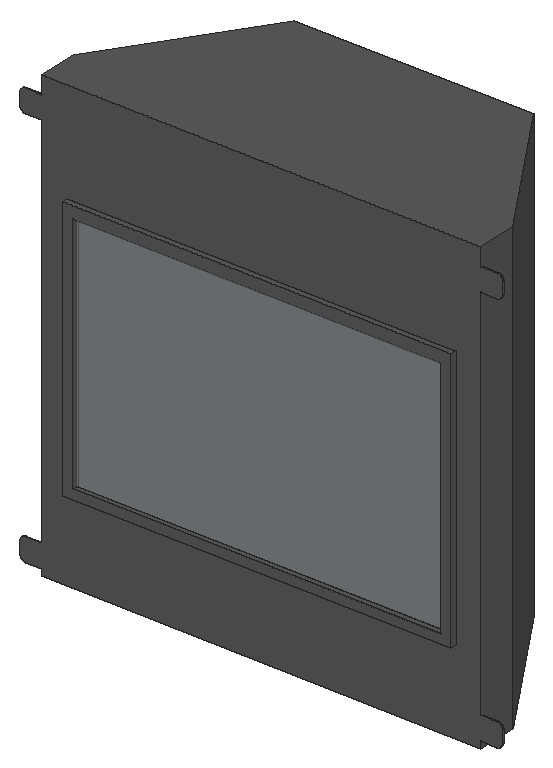
Revit family "DRSQ38", category Generic Models, Revit 2019
Family settings
  Can host rebar = No
  Round Connector Dimension = Use Diameter
  Part Type = Normal
  Work Plane-Based = No
  Always vertical = Yes
  Cut with Voids When Loaded = No
  Shared = No
  Room Calculation Point = No
Parameters
  Width = 12 5/16"
  URL = "https://www.montigo.com/"
  Model = ""
  Manufacturer Fax = ""
  Manufacturer Website = "https://www.montigo.com/"
  Manufacturer Phone - Toll Free = "800-378-3115"
  Manufacturer Phone = ""
  Manufacturer Address = "27342 Gloucester Way  Langley, BC, Canada   V4W 4A1"
  Manufacturer = "Montigo"
  Length = 53 7/16"
  Keynote = ""
  Glazing Tint = Glass - Montigo - Tint as Specified
  Frame Material = Metal - Montigo - Black
  Firebox Material = Metal - Montigo - White
  Fire Place Length = 50 5/16"
  Fire Place Height = 24 1/2"
  Fire Place - Opening = 16 9/16"
  Description = "Montigo Fireplace as Specified"
  Base Height = 6 9/16"
Reference planes (in)
  plane 1 "Center (Front/Back)": y = 0
  plane 2: z = 0
  plane 3 "Center (Left/Right)": x = 0
Forms (in)
  Extrusion 1, solid, material "Metal - Montigo - Black" <- "Frame Material"
    sketch origin (0, 0, 0) x (1, 0, 0) y (0, 1, 0)
      loop
        line (-10.38047, 16.52137) -> (-19.04947, 3.42394) -> (-19.04947, 0) -> (19.04947, 0) -> (19.04947, 3.42394) -> (10.38047, 16.52137) -> (-10.38047, 16.52137)
    from 0 to 39
  Extrusion 2, solid, material "Metal - Montigo - Black" <- "Frame Material"
    sketch origin (42.25, -6.4375, 0) x (-1, 0, 0) y (0, 0, -1)
      loop
        arc (62.69548, -37.45421) -> (63.04922, -37.30769) -> (63.19574, -36.95395) r 0.50026
        line (63.19574, -36.95395) -> (63.19574, -35.95344)
        arc (63.19574, -35.95344) -> (63.04922, -35.5997) -> (62.69548, -35.45318) r 0.50026
        line (62.69548, -35.45318) -> (61.29947, -35.45318) -> (61.29947, -2.56832) -> (62.69548, -2.56832)
        arc (62.69548, -2.56832) -> (63.04922, -2.4218) -> (63.19574, -2.06806) r 0.50026
        line (63.19574, -2.06806) -> (63.19574, -1.06755)
        arc (63.19574, -1.06755) -> (63.04922, -0.71381) -> (62.69548, -0.56729) r 0.50026
        line (62.69548, -0.56729) -> (61.29947, -0.56729) -> (61.29947, 0) -> (23.20053, 0) -> (23.20053, -0.56729) -> (21.80452, -0.56729)
        arc (21.80452, -0.56729) -> (21.45078, -0.71381) -> (21.30426, -1.06755) r 0.50026
        line (21.30426, -1.06755) -> (21.30426, -2.06806)
        arc (21.30426, -2.06806) -> (21.45078, -2.4218) -> (21.80452, -2.56832) r 0.50026
        line (21.80452, -2.56832) -> (23.20053, -2.56832) -> (23.20053, -35.45318) -> (21.80452, -35.45318)
        arc (21.80452, -35.45318) -> (21.45078, -35.5997) -> (21.30426, -35.95344) r 0.50026
        line (21.30426, -35.95344) -> (21.30426, -36.95395)
        arc (21.30426, -36.95395) -> (21.45078, -37.30769) -> (21.80452, -37.45421) r 0.50026
        line (21.80452, -37.45421) -> (23.20053, -37.45421) -> (23.20053, -38.0215) -> (61.29947, -38.0215) -> (61.29947, -37.45421) -> (62.69548, -37.45421)
    from -6.4375 to -6.5
  Extrusion 3, solid, material "Metal - Montigo - Black" <- "Frame Material"
    sketch origin (42.25, -6.4375, 0) x (-1, 0, 0) y (0, 0, -1)
      loop
        line (26.295, -29.06917) -> (58.205, -29.06917) -> (58.205, -8.06917) -> (26.295, -8.06917) -> (26.295, -29.06917)
      loop
        line (59.088, -7.25) -> (25.412, -7.25) -> (25.412, -30.1155) -> (59.088, -30.1155) -> (59.088, -7.25)
    from -6.4375 to -5.9375
  Extrusion 4, solid, material "Glass - Montigo - Tint as Specified" <- "Glazing Tint"
    sketch origin (42.25, -6.4375, 0) x (-1, 0, 0) y (0, 0, -1)
      loop
        line (26.295, -29.06917) -> (58.205, -29.06917) -> (58.205, -8.06917) -> (26.295, -8.06917) -> (26.295, -29.06917)
    from -6.4375 to -6.375
Cuts and joins
  joined: Extrusion 1, Extrusion 2
Dimensions and locks (in)
  nested 2 to level = 30.45318"
  aligned and locked: level to plane 2
Nested families (in)
  nested 1: "Duct Dia" at (0, 16.52137, 30.45318) x (-1, 0, 0) z (0, 1, 0), type "5""
    with Intake Duct Dia 5", Intake Diameter 4 7/8", Height 2"
  nested 2: "Duct Dia" at (0, 16.52137, 30.45318) x (-1, 0, 0) z (0, 1, 0), type "8""
    with Intake Duct Dia 8", Intake Diameter 7 7/8", Height 1 1/2"
Connectors (in)
  hvac at (0, 18.52137, 30.45318)
    settings: on nested 1, index 4, duct flow 0.0 L/s, flow factor 0, pres drop 0.0 Pa, loss coef 0, conn angle 0.00°, conn width 304.8 mm, conn height 304.8 mm, conn diameter 127 mm, duct sys type 3, conn prof type 0, flow config 0, flow direction 0, loss method 0, conn ref index -1, conn util no, is conn primary yes, conn desc ""
  hvac at (0, 18.02137, 30.45318)
    settings: on nested 2, index 5, duct flow 0.0 L/s, flow factor 0, pres drop 0.0 Pa, loss coef 0, conn angle 0.00°, conn width 304.8 mm, conn height 304.8 mm, conn diameter 203.2 mm, duct sys type 3, conn prof type 0, flow config 0, flow direction 0, loss method 0, conn ref index -1, conn util no, is conn primary no, conn desc ""
Definition of nested family "Duct Dia"
  Parameters (values of type "15 7/8" Dia.")
    Intake Duct Dia = 15 7/8"
    Intake Diameter = Intake Duct Dia - 1/8"  # 15 3/4"
    Height = 4"
    Firebox Material = none
    Default Elevation = 48"
  Types (12): name | Intake Duct Dia | Intake Diameter | Height
    9 7/8" Dia. | 9 7/8" | 9 3/4" | 4"
    7 7/8" Dia | 7 7/8" | 7 3/4" | 4"
    8 1/8" Dia | 8 1/8" | 8" | 1/4"
    11 3/4" Dia | 11 3/4" | 11 5/8" | 4"
    4" Dia | 10" | 9 7/8" | 4"
    7 3/4" Dia | 7 3/4" | 7 5/8" | 4"
    6 7/8" Dia | 6 7/8" | 6 3/4" | 1/4"
    9 3/4" Dia. | 9 3/4" | 9 5/8" | 4"
    7 1/8" Dia | 7 1/8" | 7" | 1/4"
    11 7/8" Dia. | 11 7/8" | 11 3/4" | 4"
    13 7/8" Dia. | 13 7/8" | 13 3/4" | 4"
    15 7/8" Dia. | 15 7/8" | 15 3/4" | 4"
  Reference planes (in)
    plane 1 "Center (Front/Back)": y = 0
    plane 2: z = 0
    plane 3 "Center (Left/Right)": x = 0
    plane 4: z = 4
  Forms (in)
    Extrusion 1, solid
      sketch origin (0, 0, 0) x (1, 0, 0) y (0, 1, 0)
        loop
          line (-48, 48) -> (-48, -48) -> (48, -48) -> (48, 48) -> (-48, 48)
      from 0 to -12
    Extrusion 2, solid, material <- "Firebox Material"
      sketch origin (0, 0, 0) x (1, 0, 0) y (0, 1, 0)
        loop
          circle (0, 0) r 7.9375
        loop
          circle (0, 0) r 7.875
      from 0 to 4
  Dimensions and locks (in)
    "Height": plane 4 to level
    "Intake Duct Dia": diameter of Extrusion 2 sketch curve
    "Intake Diameter": diameter of Extrusion 2 sketch curve
    aligned and locked: plane 2 to Extrusion 1
    aligned and locked: level to Extrusion 1
    aligned and locked: plane 4 to Extrusion 2
  Automatic sketch dimensions
    Extrusion 1 sketch curve to Extrusion 1 sketch curve = 96"  (x2)
    Extrusion 2 sketch curve to Extrusion 2 sketch curve = 0"  (x2)
    plane 1 "Center (Front/Back)" to Extrusion 2 sketch curve = 0"
    Extrusion 2 sketch curve to plane 3 "Center (Left/Right)" = 0"
